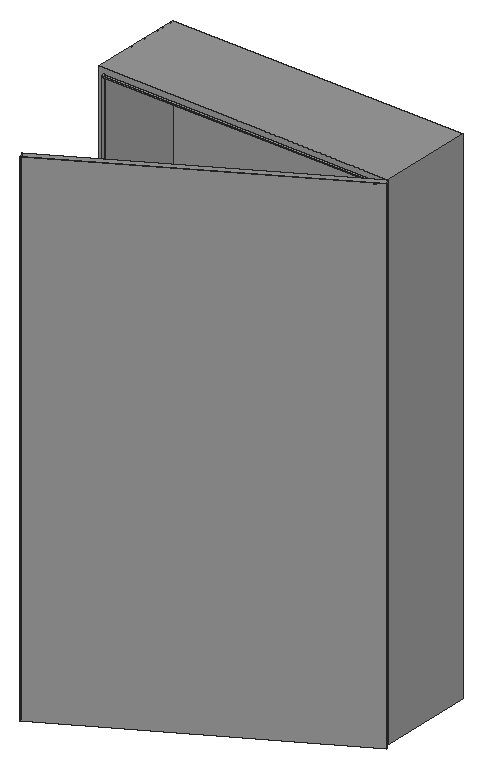
Revit family "Hager-Univers-IP55-D275-H1400-Cl.I-Steel_encl-NoHosted-CH-de", category Equipement électrique, Revit 2020
Family settings
  Configuration du panneau = Deux colonnes, circuits au sein
  Cote de connecteur circulaire = Utiliser le diamètre
  Type d'élément = Tableau de raccordement
  Basée sur le plan de construction = Oui
  Toujours verticalement = Oui
  Couper avec des vides une fois chargée = Non
  Partagée = Non
  Point de calcul de pièce = Non
Parameters (values of type "Aufputz IP55 B800 H1400 T275  - FR93E")
  Width Control [instance] = if([EF000008 - Breite] > Min Width, [EF000008 - Breite], Min Width)  # 800 mm
  Commentaires du type = [HG000003 - Bereich]  # "Univers"
  Thickness Door [instance] = if([EF009171 - Materialstärke Tür/Deckel] > 3 mm, 3 mm, [EF009171 - Materialstärke Tür/Deckel])  # 1.5 mm
  Seal Frame Offset [instance] = 17 mm  # constant formula
  Plinth Visibility [instance] = [HG000027 - Sockelhöhe] > 0 mm  # no
  Min Width [instance] = 100 mm  # constant formula
  Min Depth [instance] = (2 * [EF009170 - Materialstärke Gehäuse]) + 1 mm  # 4 mm
  Min Height [instance] = 100 mm  # constant formula
  Internal Frame Depth [instance] = (Door System Depth * 0.5)  # 9 mm
  Panel Name [instance] = ""  # (empty or 0)
  Model = ""
  HG000027 - Sockelhöhe = 0 mm
  HG000026 - Stehend auf dem Boden = no
  HG000024 - Höhe des unteren Teils = 600 mm
  HG000023 - Gehäuse mit doppeltem Querschnitt = no
  HG000016 - 3D-Türsichtbarkeit [instance] = yes
  HG000015 - Sichtbarkeit der Türöffnung [instance] = no
  HG000014 - Tür rechts [instance] = yes
  HG000013 - Tür links [instance] = not([HG000014 - Tür rechts])  # no
  HG000012 - Türschwenkwinkel [instance] = 30.00°
  HG000010 - Asymmetrische Türen = no
  HG000009 - Doppelflügeligen Tür = no
  HG000006 - Unterputz = no
  HG000004 - Herstellerreferenz = "FR93E"
  HG000003 - Bereich = "Univers"
  HG000002 - Mit tür = yes
  Frame Offset Bottom [instance] = 10 mm  # constant formula
  Frame Offset [instance] = 15 mm  # constant formula
  EF015940 - Deckel mit Überdruckentlastung = no
  EF011959 - Schutzart (NEMA) = ""
  EF009554 - Anzahl der Öffnungen für Flanschplatten = 6
  EF009212 - Ausführung Deckel = "EV000116 - geschlossen"
  EF009171 - Materialstärke Tür/Deckel = 1.5 mm
  EF009170 - Materialstärke Gehäuse = 1.5 mm
  EF008873 - Nennstrom (In) = 800 A
  EF007800 - Geeignet für Blitzschutz = no
  EF006306 - Mit Schloss = no
  EF006244 - Transparenter Deckel/Tür = no
  EF005474 - Schutzart (IP) = "EV006420 - IP55"
  EF004464 - Art der Tür = "EV002646 - Einzel"
  EF004427 - Anzahl der Module = 324
  EF004293 - Schlagfestigkeit = "EV008784 - IK10"
  EF003532 - Geeignet für Außengebrauch = no
  EF002950 - Breite in Teilungseinheiten = 24
  EF001613 - Funktionserhalt = "EV000494 - ohne"
  EF001596 - Werkstoff des Gehäuses = "EV000179 - Stahl"
  EF001131 - Innentiefe = 275 mm
  EF001088 - Anbaumöglichkeit = yes
  EF000437 - Anzahl der Leitungseinführungen = 6
  EF000339 - Art der Abdeckung = "EV004216 - Tür"
  EF000266 - Anzahl der Reihen = 9
  EF000218 - Einbautiefe = 0 mm
  EF000118 - Mit Montageplatte = no
  EF000116 - RAL-Nummer = "7035"
  EF000049 - Tiefe = 275 mm
  EF000040 - Höhe = 1400 mm
  EF000008 - Breite = 800 mm
  EF000007 - Farbe = "EV000270 - grau"
  EF000003 - Montageart = "EV000384 - Aufputz"
  Door System Leaf Tolerance [instance] = 1.5 mm  # constant formula
  Door System Depth [instance] = 18 mm  # constant formula
  Door Height [instance] = Height Control - [HG000027 - Sockelhöhe]  # 1400 mm
  Description = ""
  Default Elevation = 1219.2 mm
  Connector Offset [instance] = Height Control / 2  # 700 mm
  Fabricant = "Hager"  # constant formula
  Height Control [instance] = if([EF000040 - Höhe] > Min Height, [EF000040 - Höhe], Min Height)  # 1400 mm
  Depth Control [instance] = if([EF000049 - Tiefe] > Min Depth, [EF000049 - Tiefe], Min Depth)  # 275 mm
  Bottom Top Plate Trim [instance] = 1.5 mm  # constant formula
  Plinth height Ctrl [instance] = if([HG000027 - Sockelhöhe] > 0 mm, [HG000027 - Sockelhöhe], 12 mm)  # 12 mm
Types (5, lengths in mm): name | Width Control | HG000010 - Asymmetrische Türen | HG000009 - Doppelflügeligen Tür | HG000004 - Herstellerreferenz | EF009554 - Anzahl der Öffnungen für Flanschplatten | EF004464 - Art der Tür | EF004427 - Anzahl der Module | EF000437 - Anzahl der Leitungseinführungen | EF000008 - Breite
  Aufputz IP55 B1050 H1400 T275  - FR94E | 1050 | no | yes | "FR94E" | 8 | "EV003602 - Doppel" | 432 | 8 | 1050
  Aufputz IP55 B1300 H1400 T275  - FR95E | 1300 | yes | yes | "FR95E" | 10 | "EV003602 - Doppel" | 540 | 10 | 1300
  Aufputz IP55 B300 H1400 T275  - FR91E | 300 | no | no | "FR91E" | 2 | "EV002646 - Einzel" | 108 | 2 | 300
  Aufputz IP55 B550 H1400 T275  - FR92E | 550 | no | no | "FR92E" | 4 | "EV002646 - Einzel" | 216 | 4 | 550
  Aufputz IP55 B800 H1400 T275  - FR93E | 800 | no | no | "FR93E" | 6 | "EV002646 - Einzel" | 324 | 6 | 800
Reference planes
  plane 1 "Center (Front/Back)": y = 0
  plane 2: z = 0
  plane 3 "Center (Left/Right)": x = 0
  plane 4: y = 0
  plane 5: y = 0
  plane 6: z = 0
  plane 7: x = -400
  plane 8: x = 400
  plane 9: x = 398.5
  plane 10: x = -398.5
  plane 11: z = 0
  plane 12: z = 1.5
  plane 13: y = -275
  plane 14: y = -1.5
  plane 15: x = 0
  plane 16: y = -257
  plane 17: y = -273.5
  plane 18: y = -255.5
  plane 19: x = -383.5
  plane 20: x = 383.5
  plane 21: z = 11.5
  plane 22: x = -383
  plane 23: x = 383
  plane 24: z = 0
  plane 25: z = 1400
  plane 26: z = 1400
  plane 27: z = 1383.5
  plane 28: z = 1398.5
Forms (mm)
  Extrusion 1, solid, material "Hager_Steel_RAL7035_Light_Grey", detail levels medium+fine
    sketch origin (-208.679, -4572, 0) x (-1, 0, 0) y (0, -1, 0)
      loop
        line (191.321, -4315) -> (-608.679, -4315) -> (-608.679, -4572) -> (191.321, -4572) -> (191.321, -4315)
    from 0 to 1400
  Extrusion 2, void
    sketch origin (-350.771, -275, 1219.2) x (1, 0, 0) y (0, 0, 1)
      loop
        line (-47.729, 179.3) -> (-47.729, -1217.7) -> (749.271, -1217.7) -> (749.271, 179.3) -> (-47.729, 179.3)
    from -19.5 to -273.5
  Extrusion 3, void
    sketch origin (-290.084, -257, 1219.2) x (1, 0, 0) y (0, 0, 1)
      loop
        line (-93.416, -1207.7) -> (673.584, -1207.7) -> (673.584, 164.3) -> (-93.416, 164.3) -> (-93.416, -1207.7)
    from 0 to -1.5
  Extrusion 4, solid, material "Hager_Steel_RAL7035_Light_Grey", visible <- "Plinth Visibility", detail levels medium+fine
    sketch origin (0, 0, 0) x (1, 0, 0) y (0, 1, 0)
      loop
        line (-400, 0) -> (-400, -257) -> (400, -257) -> (400, 0) -> (-400, 0)
    from 0 to 12 <- "Plinth height Ctrl"
  Extrusion 5, solid, material "Hager_Steel_RAL7035_Light_Grey", detail levels coarse
    sketch origin (0, 0, 0) x (1, 0, 0) y (0, 1, 0)
      loop
        line (-400, 0) -> (-400, -275) -> (400, -275) -> (400, 0) -> (-400, 0)
    from 0 to 1400 <- "Height Control"
  Sweep 6, void
    path in 3D
      loop
        line (-400, -257, 12) -> (400, -257, 12) -> (400, 0, 12) -> (-400, 0, 12) -> (-400, -257, 12)
    profile origin (-400, -128.5, 12) x (1, 0, 0) y (0, 0, 1)
      loop
        line (0, 0) -> (0, -1.5) -> (1.5, -1.5)
        arc (1.5, -1.5) -> (1.061, -0.439) -> (0, 0) r 1.5
  Extrusion 7, solid, material "Hager_Steel_RAL7035_Light_Grey", detail levels fine
    sketch origin (-400, -257, 0) x (1, 0, 0) y (0, 0, 1)
      loop
        line (16.5, 11.5) -> (783.5, 11.5) -> (783.5, 1383.5) -> (16.5, 1383.5) -> (16.5, 11.5)
      loop
        line (15, 10) -> (785, 10) -> (785, 1385) -> (15, 1385) -> (15, 10)
    from 0 to 9 <- "Internal Frame Depth"
Cuts and joins
  Extrusion 2, Extrusion 3 cuts Extrusion 1
  Sweep 6 cuts Extrusion 4
Lines and regions (mm)
  Masking region 1
    outline origin (0, 0, 0) x (1, 0, 0) y (0, 1, 0)
      loop
        line (-400, 0) -> (-400, -275) -> (400, -275) -> (400, 0) -> (-400, 0)
  Masking region 2, detail levels coarse
    outline origin (-290.084, -257, 1219.2) x (-1, 0, 0) y (0, 0, 1)
      loop
        line (-690.084, -1219.2) -> (109.916, -1219.2) -> (109.916, 180.8) -> (-690.084, 180.8) -> (-690.084, -1219.2)
  Masking region 3, detail levels coarse
    outline origin (0, 0, 0) x (0, 1, 0) y (0, 0, 1)
      loop
        line (0, 0) -> (0, 1400) -> (-275, 1400) -> (-275, 0) -> (0, 0)
  Masking region 4, visible <- "Plinth Visibility", detail levels medium+fine
    outline origin (0, 0, 0) x (0, 1, 0) y (0, 0, 1)
      loop
        line (-1.5, 12) -> (-255.5, 12)
        arc (-255.5, 12) -> (-255.939, 10.939) -> (-257, 10.5) r 1.5
        line (-257, 10.5) -> (-257, 0) -> (0, 0) -> (0, 10.5)
        arc (0, 10.5) -> (-1.061, 10.939) -> (-1.5, 12) r 1.5
  Masking region 5, detail levels medium+fine
    outline origin (0, 0, 594.038) x (0, 1, 0) y (0, 0, 1)
      loop
        line (0, -594.038) -> (0, 805.962) -> (-257, 805.962) -> (-257, -594.038) -> (0, -594.038)
  Masking region 6, detail levels medium+fine
    outline origin (-359.7, -257, 1211.883) x (-1, 0, 0) y (0, 0, 1)
      loop
        line (-759.7, -1211.883) -> (40.3, -1211.883) -> (40.3, 188.117) -> (-759.7, 188.117) -> (-759.7, -1211.883)
  Masking region 7, visible <- "Plinth Visibility", detail levels medium+fine
    outline origin (-320.334, -257, 1041.368) x (-1, 0, 0) y (0, 0, 1)
      loop
        line (-720.334, -1041.368) -> (79.666, -1041.368) -> (79.666, -1030.868)
        arc (79.666, -1030.868) -> (78.606, -1030.429) -> (78.166, -1029.368) r 1.5
        line (78.166, -1029.368) -> (-718.834, -1029.368)
        arc (-718.834, -1029.368) -> (-719.273, -1030.429) -> (-720.334, -1030.868) r 1.5
        line (-720.334, -1030.868) -> (-720.334, -1041.368)
  sketch lines
    curve 1: line (-400, 0, 12) -> (-400, -257, 12)
    curve 2: line (-400, -257, 12) -> (400, -257, 12)
    curve 3: line (400, 0, 12) -> (-400, 0, 12)
    curve 4: line (400, -257, 12) -> (400, 0, 12)
Dimensions and locks
  locked: plane 1 "Center (Front/Back)" to plane 5
  "EF009170 - Materialstärke Gehäuse": plane 7 to plane 10
  "EF009170 - Materialstärke Gehäuse": plane 8 to plane 9
  equal spacing: plane 7, plane 3 "Center (Left/Right)", plane 8
  "Width Control": plane 7 to plane 8
  "Depth Control": plane 4 to plane 13
  "EF009170 - Materialstärke Gehäuse": plane 4 to plane 14
  "Height Control": plane 25 to level
  "HG000027 - Sockelhöhe": plane 11 to level
  "EF009170 - Materialstärke Gehäuse": plane 12 to plane 11
  "EF009170 - Materialstärke Gehäuse": plane 17 to plane 13
  "EF009170 - Materialstärke Gehäuse": plane 18 to plane 16
  "Frame Offset Bottom": plane 21 to plane 12
  "Frame Offset": plane 10 to plane 19
  "Frame Offset": plane 9 to plane 20
  "Door System Depth": plane 16 to plane 13
  "Seal Frame Offset": plane 7 to plane 22
  "Seal Frame Offset": plane 8 to plane 23
  "EF009170 - Materialstärke Gehäuse": plane 26 to plane 28
  "Frame Offset": plane 28 to plane 27
  "Connector Offset": plane 2 to connector elem
  "Bottom Top Plate Trim": profile plane to Sweep 6 sketch curve
  "Bottom Top Plate Trim": Sweep 6 sketch curve to Sweep 6 sketch curve
  "Plinth height Ctrl": Masking region 4 sketch curve to level
  "Plinth height Ctrl": Masking region 7 sketch curve to level
  "Thickness Door": Extrusion 7 sketch curve to Extrusion 7 sketch curve  (x4)
  "Bottom Top Plate Trim": radius of Sweep 6 sketch curve
  "Bottom Top Plate Trim": radius of Masking region 4 sketch curve  (x2)
  "Bottom Top Plate Trim": radius of Masking region 7 sketch curve  (x2)
  aligned and locked: Extrusion 2 sketch curve to plane 12
  aligned and locked: Extrusion 2 sketch curve to plane 9
  aligned and locked: Extrusion 2 sketch curve to plane 10
  aligned and locked: Extrusion 2 to plane 14
  aligned and locked: Extrusion 1 sketch curve to plane 4
  aligned and locked: plane 8 to Extrusion 1 sketch curve
  aligned and locked: plane 7 to Extrusion 1 sketch curve
  aligned and locked: Extrusion 2 to plane 18
  aligned and locked: Extrusion 3 sketch curve to plane 19
  aligned and locked: plane 20 to Extrusion 3 sketch curve
  aligned and locked: Extrusion 3 to Extrusion 2
  aligned and locked: Extrusion 3 sketch curve to plane 21
  aligned and locked: plane 3 "Center (Left/Right)" to nested 1
  aligned and locked: Extrusion 1 sketch curve to plane 16
  aligned and locked: Extrusion 4 sketch curve to cut or joined group of Extrusion 1, Extrusion 2, Extrusion 3
  aligned and locked: Masking region 1 sketch curve to plane 7
  aligned and locked: Masking region 1 sketch curve to plane 5
  aligned and locked: Masking region 1 sketch curve to plane 8
  aligned and locked: Masking region 2 sketch curve to level
  aligned and locked: level to Masking region 3 sketch curve
  aligned and locked: plane 1 "Center (Front/Back)" to Masking region 3 sketch curve
  aligned and locked: plane 13 to Masking region 3 sketch curve
  aligned and locked: plane 5 to Masking region 4 sketch curve
  aligned and locked: Masking region 2 sketch curve to plane 8
  aligned and locked: Masking region 2 sketch curve to plane 7
  aligned and locked: plane 7 to nested 2
  aligned and locked: nested 2 to plane 5
  aligned and locked: plane 5 to Masking region 5 sketch curve
  aligned and locked: plane 26 to Masking region 5 sketch curve
  aligned and locked: Extrusion 5 sketch curve to plane 8
  aligned and locked: Extrusion 5 sketch curve to plane 7
  aligned and locked: Extrusion 5 sketch curve to plane 5
  aligned and locked: Extrusion 3 sketch curve to plane 27
  aligned and locked: Extrusion 2 sketch curve to plane 28
  aligned and locked: Masking region 2 to plane 25
  aligned and locked: Extrusion 4 to plane 16
  aligned and locked: profile plane to Sweep 6 sketch curve
  aligned and locked: Masking region 5 sketch curve to plane 24
  aligned and locked: level to Masking region 4 sketch curve
  aligned and locked: Masking region 1 to plane 13
  aligned and locked: nested 1 to plane 16
  aligned and locked: Masking region 3 to plane 25
  aligned and locked: plane 16 to Masking region 4 sketch curve
  aligned and locked: Masking region 5 sketch curve to plane 16
  aligned and locked: plane 24 to plane 11
  aligned and locked: plane 26 to plane 25
  aligned and locked: plane 26 to cut or joined group of Extrusion 1, Extrusion 2, Extrusion 3
  aligned and locked: nested 1 to plane 24
  aligned and locked: Extrusion 1 to Extrusion 3
  aligned and locked: Masking region 6 sketch curve to plane 8
  aligned and locked: Masking region 6 sketch curve to plane 24
  aligned and locked: Masking region 6 sketch curve to plane 7
  aligned and locked: Masking region 6 sketch curve to plane 26
  aligned and locked: Masking region 7 sketch curve to plane 7
  aligned and locked: level to Masking region 7 sketch curve
  aligned and locked: Masking region 7 sketch curve to plane 8
  aligned and locked: Extrusion 7 sketch curve to cut or joined group of Extrusion 1, Extrusion 2, Extrusion 3  (x4)
Automatic sketch dimensions
  plane 19 to Extrusion 3 sketch curve = 0 mm
  Extrusion 3 sketch curve to plane 20 = 0 mm
  Extrusion 3 sketch curve to plane 21 = 0 mm
  Extrusion 4 sketch curve to plane 7 = 0 mm
  Extrusion 4 sketch curve to plane 8 = 0 mm
  Extrusion 4 sketch curve to plane 16 = 0 mm
  Masking region 1 sketch curve to plane 13 = 0 mm
  Masking region 2 sketch curve to plane 25 = 0 mm
  Masking region 3 sketch curve to plane 25 = 0 mm
  Extrusion 5 sketch curve to plane 13 = 0 mm
  profile plane to Sweep 6 sketch curve = 0 mm
Nested families
  nested 1: "EC000058_Univers_Door" at (0, -257, 0), Double <- "HG000009 - Doppelflügeligen Tür", Transparent <- "EF006244 - Transparenter Deckel/Tür", Angle <- "HG000012 - Türschwenkwinkel", Door_Right <- "HG000014 - Tür rechts", Assymetrical <- "HG000010 - Asymmetrische Türen", Door <- "HG000002 - Mit tür", Width_Ctrl <- "Width Control", 3d_Door <- "HG000016 - 3D-Türsichtbarkeit", Clearance <- "HG000015 - Sichtbarkeit der Türöffnung", Door_Left <- "HG000013 - Tür links", Width <- "Width Control", Door_Depth <- "Door System Depth", Leaf_Tolerance <- "Door System Leaf Tolerance", Height <- "Door Height", Lock_Visibility <- "EF006306 - Mit Schloss", Thickness <- "Thickness Door", type "EC000058_Univers_Door", detail levels medium+fine
    with min_wh 4 mm, Width_Ctrl 800 mm, Width 800 mm, Transparent no, Thickness 1.5 mm, Seal_Material Hager_Rubber, Lock_Visibility no, Lock_Material Hager_Plastic_RAL9005_Jet_Black, Leaf_Width 800 mm, Leaf_Tolerance_External_Sides 0 mm, Leaf_Tolerance 1.5 mm, Leaf_Offset 0 mm, Leaf_Height 1397 mm, Leaf_2_Width 800 mm, Leaf_2_Offset 400 mm, Leaf_1_Width 800 mm, Leaf_1_Offset 400 mm, Height_Ctrl 1400 mm, Height 1400 mm, Glass_Material Hager_Glass, Double_Clearance_Ctrl no, Double no, Door_Right_Ctrl yes, Door_Right yes, Door_Material Hager_Steel_RAL7035_Light_Grey, Door_Left_Ctrl no, Door_Left no, Door_Depth 18 mm, Door yes, Clearance_Material Hager_Clearance, Clearance_Depth 800 mm, Clearance_Ctrl no, Clearance no, Assymetrical no, Angle 30.00°, 3d_Door yes
  nested 2: "Hager_Enclosure_Symbol" at (-400, 0, 0), Height <- "Depth Control", Width <- "Width Control", type "Hager_Enclosure_Symbol"
    with Width_Ctrl 800 mm, Width 800 mm, Height_Ctrl 275 mm, Height 275 mm, A_Width_Int 18.047 mm, A_Width 216.562 mm, A_Height_Ctrl 240.625 mm, A_Height 240.625 mm
Connectors
  electrical at (0, 0, 700)
    settings: on plane 1 "Center (Front/Back)", index 1, voltage 0 V, apparent load 0 VA, apparent load phase1 0 VA, apparent load phase2 0 VA, apparent load phase3 0 VA, power factor 1, load classification "Other", number of poles 1, system type 30, power factor state 1, is connector primary yes, connector utility no, sub classification motor no, connector description ""
Definition of nested family "EC000058_Univers_Door"
  Parameters (values of type "EC000058_Univers_Door")
    min_wh [instance] = (2 * Thickness) + 1 mm  # 11 mm
    Width_Ctrl [instance] = 400 mm
    Width [instance] = 500 mm
    Transparent [instance] = yes
    Thickness [instance] = 5 mm
    Seal_Material [instance] = none
    Lock_Visibility [instance] = yes
    Lock_Material [instance] = none
    Leaf_Width [instance] = if((Width_Ctrl - 2 * Leaf_Tolerance_External_Sides) > 0 mm, (Width_Ctrl - 2 * Leaf_Tolerance_External_Sides), min_wh)  # 400 mm
    Leaf_Tolerance_External_Sides [instance] = 0 mm  # constant formula
    Leaf_Tolerance [instance] = 1.5 mm
    Leaf_Offset [instance] = 0 mm  # constant formula
    Leaf_Height [instance] = if((Height_Ctrl - 2 * Leaf_Tolerance) > 0 mm, (Height_Ctrl - 2 * Leaf_Tolerance), min_wh)  # 497 mm
    Leaf_2_Width [instance] = if(and(and(Double, Assymetrical), Door_Left), (Leaf_Width / 3) - (Leaf_Tolerance / 2), if(and(and(Double, Assymetrical), Door_Right), (Leaf_Width / 3) * 2 - (Leaf_Tolerance / 2), if(and(Double, not(Assymetrical)), (Leaf_Width / 2) - Leaf_Tolerance, Leaf_Width)))  # 400 mm
    Leaf_2_Offset [instance] = if(and(Double, Assymetrical), Leaf_2_Width / 2, if(and(Double, not(Assymetrical)), Leaf_Width / 4, Leaf_Width / 2))  # 200 mm
    Leaf_1_Width [instance] = if(and(and(Double, Assymetrical), Door_Right), (Leaf_Width / 3) - (Leaf_Tolerance / 2), if(and(and(Double, Assymetrical), Door_Left), (Width / 3) * 2 - (Leaf_Tolerance / 2), if(and(Double, not(Assymetrical)), (Leaf_Width / 2) - Leaf_Tolerance, Leaf_Width)))  # 400 mm
    Leaf_1_Offset [instance] = if(and(Double, Assymetrical), Leaf_1_Width / 2, if(and(Double, not(Assymetrical)), Leaf_Width / 4, Leaf_Width / 2))  # 200 mm
    Height_Ctrl [instance] = if(Height > min_wh, Height, min_wh)  # 500 mm
    Height [instance] = 500 mm
    Glass_Material [instance] = none
    Double_Clearance_Ctrl [instance] = and(Double, Clearance)  # no
    Double [instance] = no
    Door_Right_Ctrl [instance] = and(or(Door_Right, Double), Door)  # yes
    Door_Right [instance] = yes
    Door_Material [instance] = none
    Door_Left_Ctrl [instance] = and(or(Door_Left, Double), Door)  # no
    Door_Left [instance] = no
    Door_Depth [instance] = 30 mm
    Door [instance] = yes
    Default Elevation = 1219.2 mm
    Clearance_Material [instance] = none
    Clearance_Depth [instance] = if(Leaf_1_Width > Leaf_2_Width, Leaf_1_Width, Leaf_2_Width)  # 400 mm
    Clearance_Ctrl [instance] = and(not(Double), Clearance)  # yes
    Clearance [instance] = yes
    Assymetrical [instance] = yes
    Angle [instance] = 30.00°
    3d_Door [instance] = yes
  Reference planes
    plane 1 "Center (Front/Back)": y = 0
    plane 2 "Bottom": z = 0
    plane 3 "Center (Left/Right)": x = 0
    plane 4: z = 500
    plane 5: x = -200
    plane 6: x = 200
    plane 7: z = 500
    plane 8: x = -200
    plane 9: z = 0
    plane 10: x = 200
    plane 11: y = 0
    plane 12: z = 1.5
    plane 13: x = -600
    plane 14: y = -400
    plane 15: x = 600
    plane 16: x = 0
    plane 17: x = 0
    plane 18: x = -200
    plane 19: x = 200
    plane 20: z = 498.5
  Forms (mm)
    Extrusion 1, solid, material <- "Clearance_Material", visible <- "Double_Clearance_Ctrl"
      sketch origin (1200, 0, 0) x (1, 0, 0) y (0, 0, -1)
        loop
          line (-1800, -498.5) -> (-600, -498.5) -> (-600, 0) -> (-1800, 0) -> (-1800, -498.5)
      from 0 to -400
  Dimensions and locks
    equal spacing: plane 5, plane 3 "Center (Left/Right)", plane 6
    "Width_Ctrl": plane 5 to plane 6
    "Leaf_Offset": plane 5 to plane 8
    "Leaf_Offset": plane 6 to plane 10
    "Leaf_Offset": plane 9 to level
    "Leaf_Offset": plane 4 to plane 7
    "Height_Ctrl": plane 4 to level
    "Leaf_Tolerance": plane 12 to plane 9
    locked: plane 11 to plane 1 "Center (Front/Back)"
    "Leaf_1_Offset": plane 18 to plane 16
    "Leaf_2_Offset": plane 17 to plane 19
    "Leaf_1_Width": plane 13 to plane 8
    "Leaf_2_Width": plane 10 to plane 15
    "Clearance_Depth": plane 14 to plane 1 "Center (Front/Back)"
    "Leaf_Tolerance_External_Sides": plane 8 to plane 18
    "Leaf_Tolerance_External_Sides": plane 19 to plane 10
    "Leaf_Tolerance": plane 7 to plane 20
    aligned and locked: level to plane 2 "Bottom"
    aligned and locked: nested 1 to plane 16
    aligned and locked: nested 2 to plane 17
    aligned and locked: Extrusion 1 to plane 13
    aligned and locked: plane 15 to Extrusion 1
    aligned and locked: Extrusion 1 to plane 14
    aligned and locked: plane 12 to nested 1
    aligned and locked: nested 2 to plane 12
    aligned and locked: Extrusion 1 to plane 11
    aligned and locked: plane 20 to Extrusion 1
    aligned and locked: nested 2 to plane 11
    aligned and locked: nested 1 to plane 11
  Automatic sketch dimensions
    Extrusion 1 sketch curve to level = 0 mm
    plane 5 to Extrusion 1 sketch curve = 400 mm
    plane 6 to Extrusion 1 sketch curve = 400 mm
    Extrusion 1 sketch curve to plane 4 = 1.5 mm
  Nested families
    nested 1: "EC000058_Univers_Door_Leaf" at (0, 0, 1.5), Width <- "Leaf_1_Width", visible <- "Door_Left_Ctrl", Leaf_Height <- "Leaf_Height", Angle <- "Angle", 3d_Door <- "3d_Door", Transparent <- "Transparent", Clearance Material <- "Clearance_Material", Clearance <- "Clearance_Ctrl", Door_Material <- "Door_Material", Glass_Material <- "Glass_Material", Door_Depth <- "Door_Depth", Lock_Material <- "Lock_Material", Seal_Material <- "Seal_Material", Lock_Visibility <- "Lock_Visibility", Thickness <- "Thickness", type "EC000058_Univers_Door_Leaf"
      with Width 400 mm, Transparent_Glass_Offset 30 mm, Transparent_Ctrl yes, Transparent yes, Thickness 5 mm, Standard no, Seal_Material none, Seal_D2 8 mm, Seal_D1 1 mm, Offset_Internal_Frame 10 mm, Lock_Width 20 mm, Lock_Visibility_3d yes, Lock_Visibility yes, Lock_Thickness_3 3 mm, Lock_Thickness_2 1 mm, Lock_Thickness_1 3 mm, Lock_Radius_Offset_2 16 mm, Lock_Radius_Offset_1 15 mm, Lock_Radius_2 5 mm, Lock_Radius 6 mm, Lock_Offset 5 mm, Lock_Material none, Lock_Height 80 mm, Lock_Cover_Top_Offset_2d 17 mm, Lock_Cover_Height -65 mm, Leaf_Height 497 mm, Internal_Seal_Thickness 8 mm, Internal_Seal_Depth_2 4.5 mm, Internal_Frame_Depth 25 mm, Glass_Thickness -1 mm, Glass_Offset -2 mm, Glass_Material none, Door_Material none, Door_Depth 30 mm, Clearance Material none, Clearance yes, Angle_Ctrl 30.00°, Angle 30.00°, 3d_Door yes
    nested 2: "EC000058_Univers_Door_Leaf" at (0, 0, 1.5) x (-1, 0, 0) z (0, 0, 1), Width <- "Leaf_2_Width", visible <- "Door_Right_Ctrl", Leaf_Height <- "Leaf_Height", Angle <- "Angle", 3d_Door <- "3d_Door", Transparent <- "Transparent", Clearance Material <- "Clearance_Material", Clearance <- "Clearance_Ctrl", Door_Material <- "Door_Material", Glass_Material <- "Glass_Material", Door_Depth <- "Door_Depth", Lock_Material <- "Lock_Material", Seal_Material <- "Seal_Material", Lock_Visibility <- "Lock_Visibility", Thickness <- "Thickness", type "EC000058_Univers_Door_Leaf"
      with Width 400 mm, Transparent_Glass_Offset 30 mm, Transparent_Ctrl yes, Transparent yes, Thickness 5 mm, Standard no, Seal_Material none, Seal_D2 8 mm, Seal_D1 1 mm, Offset_Internal_Frame 10 mm, Lock_Width 20 mm, Lock_Visibility_3d yes, Lock_Visibility yes, Lock_Thickness_3 3 mm, Lock_Thickness_2 1 mm, Lock_Thickness_1 3 mm, Lock_Radius_Offset_2 16 mm, Lock_Radius_Offset_1 15 mm, Lock_Radius_2 5 mm, Lock_Radius 6 mm, Lock_Offset 5 mm, Lock_Material none, Lock_Height 80 mm, Lock_Cover_Top_Offset_2d 17 mm, Lock_Cover_Height -65 mm, Leaf_Height 497 mm, Internal_Seal_Thickness 8 mm, Internal_Seal_Depth_2 4.5 mm, Internal_Frame_Depth 25 mm, Glass_Thickness -1 mm, Glass_Offset -2 mm, Glass_Material none, Door_Material none, Door_Depth 30 mm, Clearance Material none, Clearance yes, Angle_Ctrl 30.00°, Angle 30.00°, 3d_Door yes
  Definition of nested family "EC000058_Univers_Door_Leaf"
    Parameters (values of type "EC000058_Univers_Door_Leaf")
      Width [instance] = 2000 mm
      Transparent_Glass_Offset [instance] = 30 mm
      Transparent_Ctrl [instance] = and(Transparent, [3d_Door])  # yes
      Transparent [instance] = yes
      Thickness [instance] = 5 mm
      Standard [instance] = and(not(Transparent), [3d_Door])  # no
      Seal_Material [instance] = none
      Seal_D2 [instance] = 8 mm  # constant formula
      Seal_D1 [instance] = 1 mm  # constant formula
      Offset_Internal_Frame [instance] = 10 mm  # constant formula
      Lock_Width [instance] = 20 mm  # constant formula
      Lock_Visibility_3d [instance] = and(Lock_Visibility, [3d_Door])  # yes
      Lock_Visibility [instance] = yes
      Lock_Thickness_3 [instance] = 3 mm  # constant formula
      Lock_Thickness_2 [instance] = 1 mm  # constant formula
      Lock_Thickness_1 [instance] = 3 mm  # constant formula
      Lock_Radius_Offset_2 [instance] = Lock_Radius_Offset_1 + 1 mm  # 16 mm
      Lock_Radius_Offset_1 [instance] = 15 mm  # constant formula
      Lock_Radius_2 [instance] = Lock_Radius - 1 mm  # 5 mm
      Lock_Radius [instance] = 6 mm  # constant formula
      Lock_Offset [instance] = 5 mm  # constant formula
      Lock_Material [instance] = none
      Lock_Height [instance] = 80 mm  # constant formula
      Lock_Cover_Top_Offset_2d [instance] = Lock_Radius_Offset_2 + 1 mm  # 17 mm
      Lock_Cover_Height [instance] = -(Lock_Height - Lock_Radius_Offset_1)  # -65 mm
      Leaf_Height [instance] = 2720.336 mm
      Internal_Seal_Thickness [instance] = 8 mm  # constant formula
      Internal_Seal_Depth_2 [instance] = 4.5 mm  # constant formula
      Internal_Frame_Depth [instance] = if(Door_Depth - Thickness > 5 mm, Door_Depth - Thickness, 5 mm)  # 25 mm
      Glass_Thickness [instance] = if(Thickness > 15 mm, Glass_Offset + 10 mm, -1 mm)  # -1 mm
      Glass_Offset [instance] = if(Thickness > 15 mm, -(Thickness + 10 mm) / 2, -2 mm)  # -2 mm
      Glass_Material [instance] = none
      Door_Material [instance] = none
      Door_Depth [instance] = 30 mm
      Default Elevation = 0 mm
      Clearance Material [instance] = none
      Clearance [instance] = yes
      Angle_Ctrl [instance] = if(Angle > 180.00°, 180.00°, Angle)  # 90.00°
      Angle [instance] = 90.00°
      3d_Door [instance] = yes
    Reference planes
      plane 1 "Center (Front/Back)": y = 0
      plane 2: z = 0
      plane 3 "Center (Left/Right)": x = 0
      plane 4: y = 2000
      plane 5: x = -1000
      plane 6: x = 1000
      plane 7: x = -3000
      plane 8: z = 2720.336
      plane 9: z = 30
      plane 10: z = 2690.336
      plane 11: x = 970
      plane 12: x = -970
      plane 13: y = -3
      plane 14: z = 107.833
      plane 15: y = -5
      plane 16: y = -223.314
      plane 17: x = -1000
      plane 18: z = 1360.168
      plane 19: y = 30
    Forms (mm)
      Extrusion 1, solid, material <- "Clearance Material", visible <- "Clearance"
        sketch origin (0, 0, 0) x (1, 0, 0) y (0, 0, 1)
          loop
            line (-3000, 2720.336) -> (-3000, 0) -> (1000, 0) -> (1000, 2720.336) -> (-3000, 2720.336)
        from 0 to -2000
      Extrusion 2, solid, material <- "Door_Material", visible <- "Standard", detail levels medium+fine
        sketch origin (-1000, 0, 0) x (0, 1, 0) y (-1, 0, 0)
          loop
            line (0, 30) -> (0, 25) -> (2000, 25) -> (2000, 30) -> (0, 30)
        from 0 to 2720.336 <- "Leaf_Height"
      Extrusion 3, solid, material <- "Door_Material", visible <- "Transparent_Ctrl", detail levels medium+fine
        sketch origin (-1000, 0, 0) x (0, 1, 0) y (-1, 0, 0)
          loop
            line (0, 25) -> (2000, 25) -> (2000, 30) -> (0, 30) -> (0, 25)
        from 0 to 2720.336 <- "Leaf_Height"
      Extrusion 4, void
        sketch origin (-1025, 2000, 0) x (0, 1, 0) y (0, 0, -1)
          loop
            line (-30, -2690.336) -> (-30, -30) -> (-1970, -30) -> (-1970, -2690.336) -> (-30, -2690.336)
        from 0 to 5 <- "Thickness"
      Sweep 5, solid, material <- "Seal_Material", visible <- "Transparent_Ctrl", detail levels fine
        path in 3D
          loop
            line (-1025, 30, 30) -> (-1025, 30, 2690.336) -> (-1025, 1970, 2690.336) -> (-1025, 1970, 30) -> (-1025, 30, 30)
        profile origin (-1025, 1000, 30) x (1, 0, 0) y (0, 0, 1)
          loop
            line (0, 0) -> (0, -8) -> (1, -8) -> (1, 0) -> (0, 0)
      Extrusion 6, solid, material <- "Glass_Material", visible <- "Transparent_Ctrl", detail levels medium+fine
        sketch origin (-1030, 0, 0) x (0, 1, 0) y (0, 0, -1)
          loop
            line (1970, -2690.336) -> (1970, -30) -> (30, -30) -> (30, -2690.336) -> (1970, -2690.336)
        from -2 <- "Glass_Offset" to -1 <- "Glass_Thickness"
      Extrusion 7, solid, material <- "Door_Material", visible <- "3d_Door", detail levels medium+fine
        sketch origin (-1025, 2000, 0) x (0, -1, 0) y (0, 0, -1)
          loop
            line (0, -2720.336) -> (2000, -2720.336) -> (2000, 0) -> (0, 0) -> (0, -2720.336)
          loop
            line (1995, -5) -> (5, -5) -> (5, -2715.336) -> (1995, -2715.336) -> (1995, -5)
        from 0 to 25 <- "Internal_Frame_Depth"
      Sweep 8, solid, material <- "Seal_Material", visible <- "Transparent_Ctrl", detail levels fine
        path in 3D
          loop
            line (-1025, 0, 0) -> (-1025, 2000, 0) -> (-1025, 2000, 2720.336) -> (-1025, 0, 2720.336) -> (-1025, 0, 0)
        profile origin (-1025, 0, 1360.168) x (1, 0, 0) y (0, 1, 0)
          loop
            line (0, 10) -> (2.975, 10)
            arc (2.975, 10) -> (4.053, 10.447) -> (4.5, 11.525) r 1.525
            line (4.5, 11.525) -> (4.5, 16.527)
            arc (4.5, 16.527) -> (4.069, 17.569) -> (3.027, 18) r 1.473
            line (3.027, 18) -> (0, 18) -> (0, 10)
      Extrusion 9, solid, material <- "Lock_Material", visible <- "Lock_Visibility_3d", detail levels fine
        sketch origin (-1030, 0, 0) x (0, 1, 0) y (0, 0, -1)
          loop
            arc (1993.5, -1400.168) -> (1994.561, -1399.729) -> (1995, -1398.668) r 1.5
            line (1995, -1398.668) -> (1995, -1320.168) -> (1975, -1320.168) -> (1975, -1398.668)
            arc (1975, -1398.668) -> (1975.439, -1399.729) -> (1976.5, -1400.168) r 1.5
            line (1976.5, -1400.168) -> (1993.5, -1400.168)
        from 3 <- "Lock_Thickness_1" to 0
      Blend 10, solid, material <- "Lock_Material", visible <- "Lock_Visibility_3d", detail levels fine
        base sketch origin (-1033, 0, 0) x (0, 1, 0) y (0, 0, -1)
          loop
            line (1975, -1320.168) -> (1975, -1398.668)
            arc (1975, -1398.668) -> (1975.439, -1399.729) -> (1976.5, -1400.168) r 1.5
            line (1976.5, -1400.168) -> (1993.5, -1400.168)
            arc (1993.5, -1400.168) -> (1994.561, -1399.729) -> (1995, -1398.668) r 1.5
            line (1995, -1398.668) -> (1995, -1320.168) -> (1975, -1320.168)
        top sketch origin (-1033, 0, 0) x (0, 1, 0) y (0, 0, -1)
          loop
            line (1976, -1320.168) -> (1976, -1398.668)
            arc (1976, -1398.668) -> (1976.146, -1399.022) -> (1976.5, -1399.168) r 0.5
            line (1976.5, -1399.168) -> (1993.5, -1399.168)
            arc (1993.5, -1399.168) -> (1993.854, -1399.022) -> (1994, -1398.668) r 0.5
            line (1994, -1398.668) -> (1994, -1320.168) -> (1976, -1320.168)
        from 0 to 1 <- "Lock_Thickness_2"
      Blend 11, solid, material <- "Lock_Material", visible <- "Lock_Visibility_3d", detail levels fine
        base sketch origin (-1034, 0, 0) x (0, 1, 0) y (0, 0, -1)
          loop
            line (1978, -1320.168) -> (1978, -1384.168)
            arc (1978, -1384.168) -> (1985, -1391.168) -> (1992, -1384.168) r 7
            line (1992, -1384.168) -> (1992, -1320.168) -> (1978, -1320.168)
        top sketch origin (-1034, 0, 0) x (0, 1, 0) y (0, 0, -1)
          loop
            line (1991, -1320.168) -> (1979, -1320.168) -> (1979, -1383.168)
            arc (1979, -1383.168) -> (1985, -1389.168) -> (1991, -1383.168) r 6
            line (1991, -1383.168) -> (1991, -1320.168)
        from 0 to 3 <- "Lock_Thickness_3"
      Extrusion 12, solid, material <- "Lock_Material", visible <- "Lock_Visibility_3d", detail levels fine
        sketch origin (-1030, 1975, 1320.168) x (1, 0, 0) y (0, -1, 0)
          loop
            line (-7, -19) -> (-7, -1) -> (0, -1) -> (0, 0) -> (-8, 0) -> (-8, -20) -> (0, -20) -> (0, -19) -> (-7, -19)
        from 0 to -65 <- "Lock_Cover_Height"
      Extrusion 13, void
        sketch origin (-1038, 1995, 1320.168) x (-1, 0, 0) y (0, 0, -1)
          loop
            line (-5, -65) -> (0, -65) -> (-5, -60) -> (-5, -65)
        from 0 to 20 <- "Lock_Width"
      Extrusion 14, void
        sketch origin (-1038, 1975, 1320.168) x (0, -1, 0) y (0, 0, -1)
          loop
            circle (-10, -15.995) r 6
          loop
            circle (-10, -15.995) r 5
        from 0 to 2
      Extrusion 15, solid, material <- "Lock_Material", visible <- "Lock_Visibility_3d", detail levels medium
        sketch origin (-1030, 0, 0) x (0, 1, 0) y (0, 0, -1)
          loop
            arc (1993.5, -1400.168) -> (1994.561, -1399.729) -> (1995, -1398.668) r 1.5
            line (1995, -1398.668) -> (1995, -1320.168) -> (1975, -1320.168) -> (1975, -1398.668)
            arc (1975, -1398.668) -> (1975.439, -1399.729) -> (1976.5, -1400.168) r 1.5
            line (1976.5, -1400.168) -> (1993.5, -1400.168)
        from 8 to 0
    Cuts and joins
      Extrusion 4 cuts Extrusion 3
      Extrusion 13, Extrusion 14 cuts Extrusion 9
      Extrusion 14 cuts Blend 11
      Extrusion 13, Extrusion 14 cuts Extrusion 12
      joined: Extrusion 9, Blend 10, Blend 11, Extrusion 12
      Extrusion 14 cuts Extrusion 15
    Lines and regions (mm)
      Masking region 1, visible <- "Lock_Visibility", detail levels fine
        outline origin (0, 0, 0) x (0, 1, 0) y (0, 0, 1)
          loop
            line (30, 1320.168) -> (33, 1320.168) -> (33, 1400.168) -> (30, 1400.168) -> (30, 1320.168)
      Masking region 2, visible <- "Lock_Visibility", detail levels fine
        outline origin (0, 3.143, 0) x (0, 1, 0) y (0, 0, 1)
          loop
            line (29.857, 1354.168) -> (30.857, 1354.168) -> (30.857, 1366.168) -> (29.857, 1366.168) -> (29.857, 1354.168)
      Masking region 3, detail levels medium+fine
        outline origin (0, 0, 0) x (0, 1, 0) y (0, 0, 1)
          loop
            line (0, 0) -> (30, 0) -> (30, 2720.336) -> (0, 2720.336) -> (0, 0)
      Masking region 4, detail levels medium+fine
        outline origin (0, 0, 0) x (1, 0, 0) y (0, 0, 1)
          loop
            line (-1000, 2720.336) -> (-1000, 0) -> (1000, 0) -> (1000, 2720.336) -> (-1000, 2720.336)
      Masking region 5, visible <- "Lock_Visibility", detail levels fine
        outline origin (-47.116, 0, 0) x (1, 0, 0) y (0, 0, 1)
          loop
            arc (1024.616, 1399.168) -> (1023.556, 1398.729) -> (1023.116, 1397.668) r 1.5
            line (1023.116, 1397.668) -> (1023.116, 1320.168) -> (1041.116, 1320.168) -> (1041.116, 1397.668)
            arc (1041.116, 1397.668) -> (1040.677, 1398.729) -> (1039.616, 1399.168) r 1.5
            line (1039.616, 1399.168) -> (1024.616, 1399.168)
      Masking region 6, visible <- "Lock_Visibility", detail levels medium+fine
        outline origin (-25, 0, 0) x (1, 0, 0) y (0, 0, 1)
          loop
            arc (1001.5, 1400.168) -> (1000.439, 1399.729) -> (1000, 1398.668) r 1.5
            line (1000, 1398.668) -> (1000, 1320.168) -> (1020, 1320.168) -> (1020, 1398.668)
            arc (1020, 1398.668) -> (1019.561, 1399.729) -> (1018.5, 1400.168) r 1.5
            line (1018.5, 1400.168) -> (1001.5, 1400.168)
      Masking region 7, visible <- "Lock_Visibility", detail levels fine
        outline origin (-73.735, 0, 0) x (1, 0, 0) y (0, 0, 1)
          loop
            line (1051.735, 1382.168) -> (1065.735, 1382.168) -> (1065.735, 1384.168)
            arc (1065.735, 1384.168) -> (1058.735, 1391.168) -> (1051.735, 1384.168) r 7
            line (1051.735, 1384.168) -> (1051.735, 1382.168)
      Masking region 8, visible <- "Lock_Visibility", detail levels fine
        outline origin (-73.735, 0, 0) x (1, 0, 0) y (0, 0, 1)
          loop
            line (1052.735, 1382.168) -> (1064.735, 1382.168) -> (1064.735, 1383.168)
            arc (1064.735, 1383.168) -> (1058.735, 1389.168) -> (1052.735, 1383.168) r 6
            line (1052.735, 1383.168) -> (1052.735, 1382.168)
      Masking region 9, visible <- "Lock_Visibility", detail levels fine
        outline origin (-25, 0, 0) x (1, 0, 0) y (0, 0, 1)
          loop
            line (1020, 1320.168) -> (1020, 1382.168) -> (1000, 1382.168) -> (1000, 1320.168) -> (1020, 1320.168)
      Masking region 10, detail levels medium+fine
        outline origin (0, 0, 0) x (1, 0, 0) y (0, 0, 1)
          loop
            circle (985, 1335.144) r 6
      Masking region 11, detail levels fine
        outline origin (0, 0, 0) x (1, 0, 0) y (0, 0, 1)
          loop
            circle (985, 1335.144) r 5
      Masking region 12, visible <- "Lock_Visibility", detail levels fine
        outline origin (0, 12.767, 0) x (0, 1, 0) y (0, 0, 1)
          loop
            line (20.233, 1320.168) -> (21.233, 1320.168) -> (21.233, 1399.168) -> (20.233, 1400.168) -> (20.233, 1320.168)
      Masking region 13, visible <- "Lock_Visibility", detail levels fine
        outline origin (0, 13.767, -10) x (0, 1, 0) y (0, 0, 1)
          loop
            line (20.233, 1330.168) -> (23.233, 1330.168) -> (23.233, 1399.168) -> (20.233, 1402.168) -> (20.233, 1330.168)
      Masking region 14, visible <- "Lock_Visibility", detail levels fine
        outline origin (0, 12.767, -10) x (0, 1, 0) y (0, 0, 1)
          loop
            line (20.233, 1330.168) -> (25.233, 1330.168) -> (25.233, 1399.305) -> (20.233, 1394.305) -> (20.233, 1330.168)
      Masking region 15, visible <- "Lock_Visibility", detail levels medium
        outline origin (0, 0, 0) x (0, 1, 0) y (0, 0, 1)
          loop
            line (30, 1320.168) -> (38, 1320.168) -> (38, 1400.168) -> (30, 1400.168) -> (30, 1320.168)
      Masking region 16, visible <- "Lock_Visibility", detail levels fine
        outline origin (-1000, 0, 0) x (0, 1, 0) y (-1, 0, 0)
          loop
            line (1975, 30) -> (1995, 30) -> (1995, 38) -> (1975, 38) -> (1975, 30)
          loop
            line (1979, 37) -> (1976, 37) -> (1976, 34) -> (1978, 34) -> (1979, 37)
          loop
            line (1994, 37) -> (1991, 37) -> (1992, 34) -> (1994, 34) -> (1994, 37)
      Masking region 17, visible <- "Lock_Visibility", detail levels medium
        outline origin (-1000, 0, 0) x (0, 1, 0) y (-1, 0, 0)
          loop
            line (1975, 30) -> (1995, 30) -> (1995, 38) -> (1975, 38) -> (1975, 30)
      symbolic lines
        curve 1: line (1000, 0, 0) -> (-3000, 0, 0)
        curve 2: arc (1000, 0, 0) -> (-1000, 2000, 0) -> (-3000, 0, 0) r 2000
        curve 4: line (-1030, 0, 0) -> (-1030, 2000, 0)
      reference lines
        curve 3: line (-1000, 0, 0) -> (-1000, 2000, 0)
      symbolic lines, detail levels medium+fine
        curve 5: line (-1030, 2000, 0) -> (-1025, 2000, 0)
        curve 7: line (-1025, 0, 0) -> (-1030, 0, 0)
        curve 8: line (-1025, 0, 0) -> (-1000, 0, 0)
        curve 9: line (-1000, 0, 0) -> (-1000, 2000, 0)
        curve 10: line (-1000, 2000, 0) -> (-1025, 2000, 0)
      symbolic lines, detail levels fine
        curve 6: line (-1025, 2000, 0) -> (-1025, 0, 0)
      sketch lines
        curve 11: line (-1025, 0, 2720.336) -> (-1025, 0, 0)
        curve 12: line (-1025, 2000, 0) -> (-1025, 0, 0)
        curve 13: line (-1025, 2000, 2720.336) -> (-1025, 2000, 0)
        curve 14: line (-1025, 0, 2720.336) -> (-1025, 2000, 2720.336)
        curve 15: line (-1025, 1970, 30) -> (-1025, 30, 30)
        curve 16: line (-1025, 30, 30) -> (-1025, 30, 2690.336)
        curve 17: line (-1025, 1970, 2690.336) -> (-1025, 1970, 30)
        curve 18: line (-1025, 30, 2690.336) -> (-1025, 1970, 2690.336)
      symbolic lines, visible <- "Transparent", detail levels medium+fine
        curve 19: line (-970, 0, 2690.336) -> (970, 0, 2690.336)
        curve 20: line (-970, 0, 30) -> (-970, 0, 2690.336)
        curve 21: line (970, 0, 30) -> (-970, 0, 30)
        curve 22: line (970, 0, 2690.336) -> (970, 0, 30)
    Dimensions and locks
      "Width": plane 1 "Center (Front/Back)" to plane 4
      equal spacing: plane 5, plane 3 "Center (Left/Right)", plane 6
      "Width": plane 5 to plane 6
      "Width": plane 7 to plane 5
      "Leaf_Height": plane 8 to level
      "Width": curve 5 to curve 3
      "Width": curve 3 to curve 3
      plane 8 to plane 10 = 30 mm
      plane 9 to level = 30 mm
      plane 12 to plane 5 = 30 mm
      plane 6 to plane 11 = 30 mm
      Extrusion 1 to Extrusion 4 sketch curve = 30 mm
      "Transparent_Glass_Offset": curve 3 to Extrusion 4 sketch curve
      "Transparent_Glass_Offset": Extrusion 4 sketch curve to cut or joined group of Extrusion 3, Extrusion 4  (x2)
      cut or joined group of Extrusion 3, Extrusion 4 to Extrusion 6 sketch curve = 30 mm
      "Transparent_Glass_Offset": cut or joined group of Extrusion 3, Extrusion 4 to Extrusion 4 sketch curve
      "Thickness": curve 6 to curve 4
      "Thickness": Extrusion 7 sketch curve to Extrusion 7 sketch curve  (x4)
      "Door_Depth": curve 4 to curve 3
      "Offset_Internal_Frame": profile plane to Sweep 8 sketch curve
      "Internal_Seal_Thickness": Sweep 8 sketch curve to Sweep 8 sketch curve
      "Internal_Seal_Depth_2": profile plane to Sweep 8 sketch curve
      "Seal_D1": profile plane to Sweep 5 sketch curve
      "Seal_D2": profile plane to Sweep 5 sketch curve
      "Thickness": Extrusion 2 sketch curve to Extrusion 2 sketch curve
      equal spacing: Extrusion 9 sketch curve, plane 18, Extrusion 9 sketch curve  (x2)
      equal spacing: Masking region 1 sketch curve, plane 18, Masking region 1 sketch curve
      "Lock_Height": Masking region 1 sketch curve to Masking region 1 sketch curve
      "Lock_Radius": Masking region 2 sketch curve to plane 18 to Masking region 2 sketch curve
      Masking region 2 sketch curve to Masking region 1 = 1 mm
      "Door_Depth": plane 19 to plane 1 "Center (Front/Back)"
      "Lock_Thickness_1": Masking region 1 sketch curve to plane 19
      "Lock_Width": Extrusion 9 sketch curve to Extrusion 9 sketch curve
      "Lock_Height": Extrusion 9 sketch curve to Extrusion 9 sketch curve
      "Lock_Offset": cut or joined group of Extrusion 3, Extrusion 4 to Extrusion 9 sketch curve
      equal spacing: plane 8, plane 18, level
      "Lock_Radius_Offset_1": Blend 11 sketch curve to Blend 10
      locked: Blend 10 to Blend 11 sketch curve at 2  (x2)
      locked: var sketch to Blend 11 sketch curve at 1  (x2)
      "Lock_Radius_Offset_2": Blend 11 sketch curve to Blend 10
      locked: Extrusion 12 sketch curve to Extrusion 12 sketch curve at 1  (x3)
      Masking region 6 sketch curve to Masking region 6 sketch curve = 80 mm
      "Lock_Height": Masking region 6 sketch curve to Masking region 6 sketch curve
      "Lock_Width": Masking region 6 sketch curve to Masking region 6 sketch curve
      locked: Masking region 6 to Masking region 5 sketch curve at 1  (x3)
      locked: Masking region 5 to Masking region 7 sketch curve at 2  (x2)
      "Lock_Radius_Offset_1": Masking region 5 to Masking region 7 sketch curve
      "Lock_Radius_Offset_2": Masking region 5 to Masking region 8 sketch curve
      locked: Masking region 7 to Masking region 8 sketch curve at 1  (x2)
      "Lock_Cover_Top_Offset_2d": Masking region 5 to Masking region 9 sketch curve
      equal spacing: Masking region 9, Masking region 10 sketch curve, Masking region 9
      equal spacing: Masking region 9, Masking region 11 sketch curve, Masking region 9
      Extrusion 15 sketch curve to Extrusion 15 sketch curve = 80 mm
      "Lock_Width": Extrusion 15 sketch curve to Extrusion 15 sketch curve
      "Lock_Height": Extrusion 15 sketch curve to Extrusion 15 sketch curve
      equal spacing: Extrusion 15 sketch curve, plane 18, Extrusion 15 sketch curve
      "Lock_Thickness_3": Masking region 13 sketch curve to Masking region 13 sketch curve
      "Lock_Height": Masking region 12 sketch curve to Masking region 12 sketch curve
      locked: Masking region 13 sketch curve to Masking region 1 at 8
      locked: Masking region 14 sketch curve to Masking region 13 at 1
      locked: Masking region 14 sketch curve to Masking region 1 at 10.863
      "Lock_Height": Masking region 15 sketch curve to Masking region 15 sketch curve
      "Lock_Offset": Extrusion 15 sketch curve to cut or joined group of Extrusion 3, Extrusion 4
      "Lock_Offset": plane 6 to Masking region 6 sketch curve
      radius of Sweep 8 sketch curve = 1.525 mm
      radius of Sweep 8 sketch curve = 1.473 mm
      radius of Extrusion 9 sketch curve = 1.5 mm  (x2)
      "Lock_Radius": radius of Extrusion 14 sketch curve
      "Lock_Radius_2": radius of Extrusion 14 sketch curve
      "Lock_Radius": radius of Masking region 10 sketch curve
      "Lock_Radius_2": radius of Masking region 11 sketch curve
      radius of Extrusion 15 sketch curve = 1.5 mm  (x2)
      "Angle_Ctrl": angle plane 1 "Center (Front/Back)" to curve 3
      locked: Masking region 12 sketch curve to Masking region 12 sketch curve (angle 45.00°)
      locked: Masking region 13 sketch curve to Masking region 13 sketch curve (angle 45.00°)
      locked: Masking region 14 sketch curve to Masking region 14 sketch curve (angle 45.00°)
      aligned and locked: level to plane 2
      aligned and locked: Extrusion 1 to curve 1
      aligned and locked: plane 6 to Extrusion 1
      aligned and locked: Extrusion 1 to plane 1 "Center (Front/Back)"
      aligned and locked: plane 4 to Extrusion 1
      aligned and locked: plane 8 to Extrusion 1
      aligned and locked: curve 7 to Extrusion 2 sketch curve
      aligned and locked: curve 5 to Extrusion 2 sketch curve
      aligned and locked: curve 7 to Extrusion 3 sketch curve
      aligned and locked: Extrusion 3 sketch curve to curve 4
      aligned and locked: Extrusion 3 sketch curve to curve 6
      aligned and locked: Extrusion 3 sketch curve to curve 5
      aligned and locked: curve 9 to curve 3
      aligned and locked: Extrusion 7 sketch curve to cut or joined group of Extrusion 3, Extrusion 4  (x4)
      aligned and locked: plane 17 to curve 3
      aligned and locked: plane 1 "Center (Front/Back)" to curve 3
      aligned and locked: plane 17 to plane 5
      aligned and locked: Sweep 8 sketch curve to profile plane
      aligned and locked: Sweep 5 sketch curve to profile plane  (x2)
      aligned and locked: Masking region 1 to Masking region 2 sketch curve
      aligned and locked: plane 19 to Masking region 1 sketch curve
      aligned and locked: plane 1 "Center (Front/Back)" to Masking region 3 sketch curve
      aligned and locked: plane 19 to Masking region 3 sketch curve
      aligned and locked: level to Masking region 3 sketch curve
      aligned and locked: Masking region 3 sketch curve to plane 8
      aligned and locked: plane 17 to Masking region 4 sketch curve
      aligned and locked: level to Masking region 4 sketch curve
      aligned and locked: Masking region 4 sketch curve to plane 8
      aligned and locked: plane 12 to curve 20
      aligned and locked: plane 10 to curve 19
      aligned and locked: plane 11 to curve 22
      aligned and locked: curve 21 to plane 9
      aligned and locked: Extrusion 2 sketch curve to cut or joined group of Extrusion 3, Extrusion 4
      aligned and locked: Blend 10 sketch curve to Extrusion 9  (x4)
      aligned and locked: Extrusion 9 to Blend 10 sketch curve
      aligned and locked: Blend 10 to Blend 11 sketch curve
      aligned and locked: Extrusion 12 sketch curve to Blend 11
      aligned and locked: Extrusion 12 sketch curve to Extrusion 9  (x4)
      aligned and locked: Masking region 5 sketch curve to Masking region 6
      aligned and locked: Masking region 9 sketch curve to Masking region 6  (x3)
      aligned and locked: Masking region 12 sketch curve to Masking region 1
      aligned and locked: Masking region 13 sketch curve to Masking region 1
      aligned and locked: Masking region 12 to Masking region 14
      aligned and locked: Masking region 14 sketch curve to Masking region 1
      aligned and locked: Masking region 15 sketch curve to Masking region 14
      aligned and locked: Masking region 13 sketch curve to Masking region 12
      aligned and locked: Masking region 16 sketch curve to cut or joined group of Extrusion 14, Extrusion 15  (x4)
      aligned and locked: Masking region 16 sketch curve to cut or joined group of Extrusion 9, Blend 10, Blend 11, Extrusion 12, Extrusion 13, Extrusion 14  (x6)
      aligned and locked: cut or joined group of Extrusion 9, Blend 10, Blend 11, Extrusion 12, Extrusion 13, Extrusion 14 to Masking region 16 sketch curve
      aligned and locked: Masking region 17 sketch curve to cut or joined group of Extrusion 14, Extrusion 15  (x3)
      aligned and locked: Masking region 17 sketch curve to cut or joined group of Extrusion 9, Blend 10, Blend 11, Extrusion 12, Extrusion 13, Extrusion 14
      aligned and locked: Masking region 9 to Masking region 8 sketch curve
      aligned and locked: Masking region 9 to Masking region 7 sketch curve
    Automatic sketch dimensions
      plane 1 "Center (Front/Back)" to curve 2 = 0 mm
      curve 2 to plane 5 = 0 mm
      Extrusion 1 sketch curve to level = 0 mm
      Extrusion 1 sketch curve to plane 7 = 0 mm
      Extrusion 1 sketch curve to plane 6 = 0 mm
      Extrusion 1 sketch curve to plane 8 = 0 mm
      Extrusion 3 to Extrusion 6 sketch curve = 30 mm  (x4)
      Masking region 4 sketch curve to plane 6 = 0 mm
      Blend 10 sketch curve to Extrusion 9 = 1.5 mm
      Blend 10 sketch curve to Extrusion 9 = 1 mm
      Extrusion 13 sketch curve to Extrusion 12 = 0 mm  (x2)
      Extrusion 12 to Extrusion 13 sketch curve = 3 mm
      Extrusion 13 sketch curve to Extrusion 12 = 5 mm
      Extrusion 14 sketch curve to Extrusion 14 sketch curve = 0 mm  (x2)
      Extrusion 14 sketch curve to Extrusion 12 = 10 mm
      Extrusion 14 sketch curve to Extrusion 12 = 15.995 mm
      Masking region 5 sketch curve to Masking region 5 sketch curve = 1.5 mm  (x2)
      Masking region 10 sketch curve to plane 18 = 25.024 mm
      Masking region 11 sketch curve to plane 18 = 25.024 mm
      plane 19 to Masking region 14 sketch curve = 3 mm
      Masking region 16 sketch curve to Masking region 16 sketch curve = 3 mm
      curve 4 to curve 3 = 0 mm
      Blend 10 to Blend 11 sketch curve = 0 mm
      Masking region 6 sketch curve to Masking region 6 sketch curve = 1.5 mm  (x2)
      Masking region 6 sketch curve to plane 18 = 40 mm
      plane 19 to Masking region 12 sketch curve = 3 mm
      Masking region 12 sketch curve to Masking region 12 sketch curve = 1 mm
      Masking region 15 sketch curve to plane 19 = 0 mm
      Masking region 15 sketch curve to plane 18 = 40 mm
      radius of Blend 10 sketch curve to Extrusion 9 = 1 mm
Definition of nested family "Hager_Enclosure_Symbol"
  Parameters (values of type "Hager_Enclosure_Symbol")
    Width_Ctrl [instance] = if(Width > 1 mm, Width, 1 mm)  # 102.27 mm
    Width [instance] = 102.27 mm
    Height_Ctrl [instance] = if(Height > 1 mm, Height, 1 mm)  # 66.5 mm
    A_Width_Int [instance] = if(A_Width / 12 > 2 mm, A_Width / 12, 2 mm)  # 4.364 mm
    A_Width [instance] = if(A_Height_Ctrl * 0.9 > 2 mm, A_Height_Ctrl * 0.9, 2 mm)  # 52.369 mm
    A_Height_Ctrl [instance] = if(A_Height > 2 mm, A_Height, 2 mm)  # 58.188 mm
    Height [instance] = 66.5 mm
    A_Height [instance] = Height - (Height / 8)  # 58.188 mm
  Reference planes
    plane 1 "Centre (avant/arrière)": y = 0
    plane 2: z = 0
    plane 3 "Centre (gauche/droite)": x = 0
    plane 4: x = 52.369
    plane 5: y = 33.042
    plane 6: y = 41.77
    plane 7: y = 66.5
    plane 8: x = 26.184
    plane 9: y = 37.406
    plane 10: x = 102.27
    plane 11: y = 66.5
    plane 12: y = 8.313
  Lines and regions (mm)
    Filled region 1, type "Solid_Black", in view "Niveau de réf."
      outline origin (0, 0, 0) x (1, 0, 0) y (0, 1, 0)
        loop
          line (52.369, 66.5) -> (33.188, 54.536) -> (45.365, 45.006) -> (52.369, 66.5)
    Filled region 2, type "Solid_Black", in view "Niveau de réf."
      outline origin (0, 0, 0) x (1, 0, 0) y (0, 1, 0)
        loop
          line (0, 0) -> (102.27, 0) -> (102.27, 66.5) -> (0, 0)
    detail lines, in view "Niveau de réf."
      curve 1: line (0, 8.313, 0) -> (26.184, 41.77, 0)
      curve 2: line (26.184, 41.77, 0) -> (26.184, 33.042, 0)
      curve 3: line (26.184, 33.042, 0) -> (52.369, 66.5, 0)
  Dimensions and locks
    "A_Width": plane 3 "Centre (gauche/droite)" to plane 4
    equal spacing: plane 3 "Centre (gauche/droite)", plane 8, plane 4
    equal spacing: plane 6, plane 9, plane 5
    equal spacing: curve 3, Filled region 1 sketch curve, Filled region 1 sketch curve
    "Height_Ctrl": plane 1 "Centre (avant/arrière)" to plane 11
    "A_Height_Ctrl": plane 11 to plane 12
    equal spacing: plane 11, plane 9, plane 12
    "A_Width_Int": plane 6 to plane 9
    "Width_Ctrl": plane 3 "Centre (gauche/droite)" to plane 10
    angle Filled region 1 sketch curve to curve 3 = 20.00°
    angle curve 3 to Filled region 1 sketch curve = 20.00°
    locked: curve 3 to Filled region 1 sketch curve (angle 90.00°)
    aligned and locked: plane 10 to Filled region 2
    aligned and locked: plane 11 to Filled region 2 sketch curve
    aligned and locked: plane 10 to Filled region 2 sketch curve
    aligned and locked: plane 3 "Centre (gauche/droite)" to curve 1
    aligned and locked: plane 12 to curve 1
    aligned and locked: plane 7 to plane 11
  Automatic sketch dimensions
    Filled region 1 sketch curve to plane 4 = 0 mm
    Filled region 1 sketch curve to plane 7 = 0 mm
    plane 1 "Centre (avant/arrière)" to Filled region 2 sketch curve = 0 mm
    Filled region 2 sketch curve to plane 3 "Centre (gauche/droite)" = 0 mm
    curve 2 to plane 6 = 0 mm
    curve 2 to plane 8 = 0 mm
    curve 3 to plane 4 = 0 mm
    curve 2 to plane 5 = 0 mm
    curve 3 to plane 7 = 0 mm
